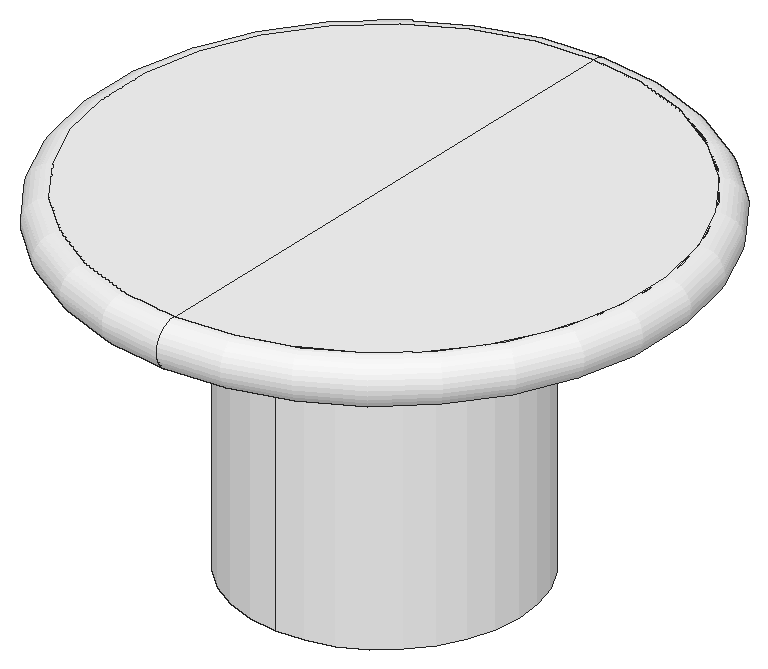
Revit family "Reece_Basin_AXA_H10_Above Counter Basin_Oval_600 mm", category Plumbing Fixtures, host Face, Revit 2018
Family settings
  Host = Face
  Round Connector Dimension = Use Diameter
  Part Type = Normal
  Cut with Voids When Loaded = No
  Shared = Yes
  Room Calculation Point = Yes
Parameters
  WFU = 0  # constant formula
  URL = "https://www.reece.com.au/product/-9505320"
  Type Comments = "Basin"
  Reece_Product_Web Page = "https://www.reece.com.au/product/-9505320"
  Reece_Product_Type = "Basin"  # constant formula
  Reece_Product_Sub Brand = "H10"  # constant formula
  Reece_Product_Number = "9505320"
  Reece_Product_Mount = "Above Counter Basin"
  Reece_Product_Description = "AXA H10 Oval Counter Basin 600 x 320mm White"  # constant formula
  Reece_Product_Brand = "AXA"  # constant formula
  Reece_Overall_Width = 600 mm  # constant formula
  Reece_Overall_Length = 320 mm  # constant formula
  Reece_Overall_Height = 100 mm  # constant formula
  Reece_Overall_Capacity = 6.00 L  # constant formula
  Reece_Material_Secondary = Reece_Brass_Chrome
  Reece_Material-Main = Reece_Vitreous China_White
  Reece_Detail_Disclaimer = "THIS FILE IS THE PROPERTY OF THE REECE GROUP. IT MAY NOT BE REPRODUCED, REVERSE-ENGINEERED OR MODIFIED. ANY REPUBLICATION, TRANSMISSION OR DISTRIBUTION FOR THE PURPOSE OF COMMERCIALLY EXPLOITING THE FILES IS PROHIBITED."  # constant formula
  Reece_Basin_Outlet = 40 mm  # constant formula
  Model = "H10"
  Manufacturer = "AXA"
  Keynote = "Product #9505320, Reece_Basin_AXA_H10_Above Counter Basin_Oval_600 mm -  "
  HWFU = 0  # constant formula
  Disclaimer = "THIS FILE IS THE PROPERTY OF THE REECE GROUP. IT MAY NOT BE REPRODUCED, REVERSE-ENGINEERED OR MODIFIED. ANY REPUBLICATION, TRANSMISSION OR DISTRIBUTION FOR THE PURPOSE OF COMMERCIALLY EXPLOITING THE FILES IS PROHIBITED."  # constant formula
  Description = "AXA H10 Oval Counter Basin 600 x 320mm White"
  Default Elevation = 1000 mm
  CWFU = 0  # constant formula
Types (2, lengths in mm): name | Keynote
  (no name) | "Product #9505320, Reece_Basin_AXA_H10_Above Counter Basin_Oval_600 mm -  "
  6 L_No Taphole_Vitreous China_White | "Product #9505320, Reece_Basin_AXA_H10_Above Counter Basin_Oval_600 mm - 6 L_No Taphole_Vitreous China_White"
Reference planes
  plane 1 "Center (Front/Back)": y = -119.125
  plane 2 "Bottom": z = 0
  plane 3 "Center (Left/Right)": x = 0
  plane 4 "Top": z = 100
  plane 5: y = 40.875
  plane 6: x = 300
  plane 7: x = -300
  plane 8: y = -279.125
  plane 9: z = 30
  plane 10: x = -270
  plane 11: x = 270
  plane 12: y = 10.875
  plane 13: y = -249.125
Forms (mm)
  Revolve 1, solid, material "Reece_Brass_Chrome" <- "Reece_Material_Secondary"
    sketch origin (0, -80, 0) x (0, 1, 0) y (0, 0, 1)
      loop
        line (-24.125, 32.5) -> (-10, 32.5)
        arc (-10, 32.5) -> (-7.5, 35) -> (-10, 37.5) r 2.5
        line (-10, 37.5) -> (-39.125, 37.5) -> (-39.125, 0) -> (-24.125, 0) -> (-24.125, 32.5)
      axis (-39.125, 37.5) -> (-39.125, 0)
    angle from 0 to 360
  Extrusion 2, void
    sketch origin (0, 0, 0) x (1, 0, 0) y (0, 1, 0)
      loop
        circle (0, -119.125) r 50
    from 0 to -40
Cuts and joins
  Extrusion 2 cuts Revolve 1
Lines and regions (mm)
  symbolic lines, style "PlumbingFixtures"
    curve 1: line (0, 34.023, 0) -> (0, -272.316, 0)
    curve 2: line (0, -272.316, 0) -> (0, 34.023, 0)
Text (mm)
  text "Reece Copyright © 2018, Reece Ltd." at (-681.204, -583.01, 0), in view "Ref. Level"
  text "Reece ©" at (44.384, 258.95, 192.345), in view "Reece Preview"
Dimensions and locks
  equal spacing: plane 7, plane 3 "Center (Left/Right)", plane 6
  "Reece_Overall_Width": plane 7 to plane 6
  "Reece_Overall_Length": plane 5 to plane 8
  equal spacing: plane 5, plane 1 "Center (Front/Back)", plane 8
  "Reece_Overall_Height": plane 2 "Bottom" to plane 4 "Top"
  plane 4 "Top" to plane 9 = 70 mm
  plane 3 "Center (Left/Right)" to plane 10 = 270 mm
  plane 12 to plane 1 "Center (Front/Back)" = 130 mm
  plane 13 to plane 1 "Center (Front/Back)" = 130 mm
  aligned and locked: plane 2 "Bottom" to host face
  aligned and locked: level to host face
Automatic sketch dimensions
  host sketch curve to host sketch curve = 801.051 mm
  host sketch curve to host sketch curve = 660.299 mm
  Revolve 1 sketch curve to level = 0 mm
  plane 1 "Center (Front/Back)" to Revolve 1 sketch curve = 0 mm
  Revolve 1 sketch curve to Revolve 1 sketch curve = 15 mm
  Revolve 1 sketch curve to Revolve 1 sketch curve = 14.125 mm
  Revolve 1 sketch curve to Revolve 1 sketch curve = 32.5 mm
  Revolve 1 sketch curve to Revolve 1 sketch curve = 2.5 mm
  Revolve 1 sketch curve to Revolve 1 sketch curve = 0 mm
  Revolve 1 sketch curve to level = 33.124 mm
  plane 4 "Top" to Revolve 1 sketch curve = 18.686 mm
  curve 1 to plane 3 "Center (Left/Right)" = 0 mm
  curve 1 to plane 8 = 6.809 mm
  curve 1 to plane 5 = 6.852 mm
  curve 2 to plane 3 "Center (Left/Right)" = 0 mm
  curve 2 to curve 1 = 0 mm  (x2)
  plane 1 "Center (Front/Back)" to Extrusion 2 sketch curve = 0 mm
  Extrusion 2 sketch curve to plane 3 "Center (Left/Right)" = 0 mm
  radius of Extrusion 2 sketch curve = 50 mm
